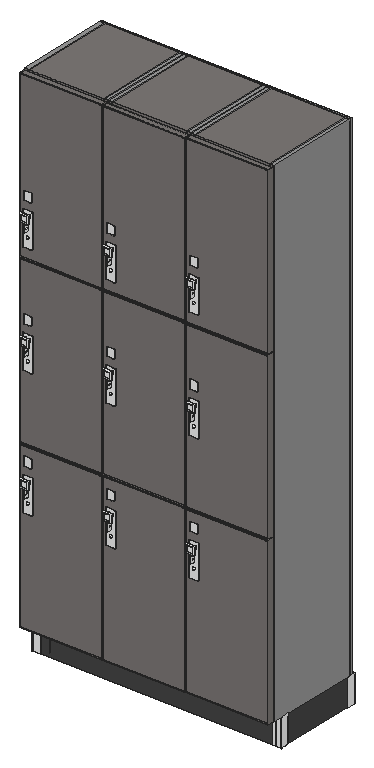
Revit family "Wood_Lockers_Hasps-Salsbury_Industries-43000_Series-3_Wide_Units.rfa", category Specialty Equipment, Revit 2016 (continued)
Definition of nested family "Premier Locker Doors_Hasp"
  Forms (in)
    Extrusion 18, solid
      sketch origin (-4.8125, 0, 0) x (0, 0, -1) y (0, -1, 0)
        loop
          line (-35.6844, 1) -> (-36.6844, 1) -> (-36.6844, -0.375) -> (-35.6844, -0.375) -> (-35.6844, 1)
      from -0.063 to 0.063
    Extrusion 19, void
      sketch origin (-4.8125, 35.51803, 36.85077) x (0, 1, 0) y (0, 0, -1)
        loop
          circle (-36.1844, 0.66637) r 0.25
      from -0.063 to 0.063
  Cuts and joins
    Extrusion 5, Extrusion 13 cuts Extrusion 1
    Extrusion 5, Extrusion 11 cuts Extrusion 3
    Extrusion 13 cuts Extrusion 12
    Extrusion 13 cuts Extrusion 2
    Extrusion 19 cuts Extrusion 18
  Lines and regions (in)
    symbolic lines
      curve 1: line (-5.9375, 0.375, 0) -> (5.9375, 0.375, 0)
      curve 2: line (5.9375, 0.375, 0) -> (5.9375, 0.375, 71.75)
      curve 3: line (5.9375, 0.375, 71.75) -> (-5.9375, 0.375, 71.75)
      curve 4: line (-5.9375, 0.375, 71.75) -> (-5.9375, 0.375, 0)
      curve 5: line (-5.9375, 0.375, 71.625) -> (5.9375, 0.375, 71.625)
      curve 6: line (-5.9375, -0.375, 71.625) -> (-5.9375, 0.375, 71.625)
      curve 7: line (5.9375, -0.375, 71.625) -> (-5.9375, -0.375, 71.625)
      curve 8: line (5.9375, 0.375, 71.625) -> (5.9375, -0.375, 71.625)
      curve 9: line (5.3125, 0.375, 71.625) -> (5.3125, 0.625, 71.625)
      curve 10: line (5.3125, 0.625, 71.625) -> (4.8125, 0.625, 71.625)
      curve 11: line (4.8125, 0.625, 71.625) -> (4.8125, 0.375, 71.625)
      curve 12: line (-5.73713, 0.375, 71.625) -> (-5.73713, 0.625, 71.625)
      curve 13: line (-5.2375, 0.375, 71.625) -> (-5.2375, 0.625, 71.625)
      curve 14: line (-5.2375, 0.625, 71.625) -> (-5.73713, 0.625, 71.625)
      curve 15: line (-4.8125, -0.375, 71.75) -> (-4.8125, 0.375, 71.75)
      curve 16: line (-4.8125, -0.375, 0) -> (-4.8125, -0.375, 71.75)
      curve 17: line (-4.8125, 0.375, 0) -> (-4.8125, -0.375, 0)
      curve 18: line (-4.8125, 0.375, 71.75) -> (-4.8125, 0.375, 0)
      curve 19: line (-4.8125, 0.375, 69) -> (-4.8125, 0.625, 69)
      curve 20: line (-4.8125, 0.625, 69) -> (-4.8125, 0.625, 68.5)
      curve 21: line (-4.8125, 0.625, 68.5) -> (-4.8125, 0.375, 68.5)
      curve 22: line (-4.8125, 0.375, 3.25) -> (-4.8125, 0.625, 3.25)
      curve 23: line (-4.8125, 0.625, 3.25) -> (-4.8125, 0.625, 2.75)
      curve 24: line (-4.8125, 0.625, 2.75) -> (-4.8125, 0.375, 2.75)
      curve 25: line (-4.8125, 0.375, 36.125) -> (-4.8125, 0.625, 36.125)
      curve 26: line (-4.8125, 0.625, 36.125) -> (-4.8125, 0.625, 35.625)
      curve 27: line (-4.8125, 0.625, 35.625) -> (-4.8125, 0.375, 35.625)
      curve 28: line (-5.5625, -0.375, 71.625) -> (-4.0625, -0.375, 71.625)
      curve 29: line (-5.4375, -1.125, 38.3125) -> (-4.1875, -1.125, 38.3125)
      curve 30: arc (-4.0625, -1.125, 38.1875) -> (-4.09911, -1.125, 38.27589) -> (-4.1875, -1.125, 38.3125) r 0.125
      curve 31: arc (-5.4375, -1.125, 38.3125) -> (-5.52589, -1.125, 38.27589) -> (-5.5625, -1.125, 38.1875) r 0.125
      curve 32: line (-5.5625, -1.125, 33.5625) -> (-5.5625, -1.125, 38.1875)
      curve 33: line (-4.0625, -1.125, 38.1875) -> (-4.0625, -1.125, 33.5625)
      curve 34: arc (-4.1875, -1.125, 33.4375) -> (-4.09911, -1.125, 33.47411) -> (-4.0625, -1.125, 33.5625) r 0.125
      curve 35: arc (-5.5625, -1.125, 33.5625) -> (-5.52589, -1.125, 33.47411) -> (-5.4375, -1.125, 33.4375) r 0.125
      curve 36: line (-4.1875, -1.125, 33.4375) -> (-5.4375, -1.125, 33.4375)
      curve 37: arc (-4.6245, -1.125, 36.6245) -> (-4.8125, -1.125, 36.8125) -> (-5.0005, -1.125, 36.6245) r 0.188
      curve 38: arc (-5.0005, -1.125, 35.7505) -> (-4.8125, -1.125, 35.5625) -> (-4.6245, -1.125, 35.7505) r 0.188
      curve 39: line (-4.6245, -1.125, 36.6245) -> (-4.6245, -1.125, 35.7505)
      curve 40: line (-5.0005, -1.125, 35.7505) -> (-5.0005, -1.125, 36.6245)
      curve 41: line (-4.1875, -1.125, 36.9375) -> (-5.4375, -1.125, 36.9375)
      curve 42: line (-4.1875, -1.125, 38.1875) -> (-4.1875, -1.125, 36.9375)
      curve 43: line (-5.4375, -1.125, 36.9375) -> (-5.4375, -1.125, 38.1875)
      curve 44: line (-5.4375, -1.125, 38.1875) -> (-4.1875, -1.125, 38.1875)
      curve 45: line (-4.8755, -1.125, 36.6844) -> (-4.7495, -1.125, 36.6844)
      curve 46: line (-4.7495, -1.125, 36.6844) -> (-4.7495, -1.125, 35.6844)
      curve 47: line (-4.8755, -1.125, 35.6844) -> (-4.8755, -1.125, 36.6844)
      curve 48: line (-4.7495, -1.125, 35.6844) -> (-4.8755, -1.125, 35.6844)
      curve 49: line (-4.8125, -1, 36.6844) -> (-4.8125, -0.375, 36.6844)
      curve 50: line (-4.8125, -1, 35.6844) -> (-4.8125, -1, 36.6844)
      curve 51: line (-4.8125, -0.375, 35.6844) -> (-4.8125, -1, 35.6844)
      curve 52: arc (-4.8125, -0.91637, 36.1844) -> (-4.8125, -0.66637, 36.4344) -> (-4.8125, -0.41637, 36.1844) r 0.25
      curve 53: arc (-4.8125, -0.41637, 36.1844) -> (-4.8125, -0.66637, 35.9344) -> (-4.8125, -0.91637, 36.1844) r 0.25
      curve 54: line (-4.8125, -0.375, 37.31817) -> (-4.8125, -0.61642, 37.31817)
      curve 55: arc (-4.8125, -0.77297, 37.19215) -> (-4.8125, -0.71691, 37.28275) -> (-4.8125, -0.61642, 37.31817) r 0.16024
      curve 56: arc (-4.8125, -0.97289, 36.9375) -> (-4.8125, -0.84441, 37.04244) -> (-4.8125, -0.77297, 37.19215) r 0.37946
      curve 57: spline (-4.8125, -1.121, 37.15954) -> (-4.8125, -1.11621, 37.12873) -> (-4.8125, -1.10963, 37.09911) -> (-4.8125, -1.10135, 37.07107) -> (-4.8125, -1.09147, 37.04495) -> (-4.8125, -1.0801, 37.02108) -> (-4.8125, -1.0674, 36.99975) -> (-4.8125, -1.05352, 36.98123) -> (-4.8125, -1.03864, 36.96575) -> (-4.8125, -1.02293, 36.95351) -> (-4.8125, -1.0066, 36.94465) -> (-4.8125, -0.98985, 36.93929) -> (-4.8125, -0.97289, 36.9375)
      curve 58: line (-4.8125, -1.125, 37.15954) -> (-4.8125, -1.125, 37.96546)
      curve 59: spline (-4.8125, -1.121, 37.96546) -> (-4.8125, -1.11621, 37.99627) -> (-4.8125, -1.10963, 38.02589) -> (-4.8125, -1.10135, 38.05393) -> (-4.8125, -1.09147, 38.08005) -> (-4.8125, -1.0801, 38.10392) -> (-4.8125, -1.0674, 38.12525) -> (-4.8125, -1.05352, 38.14377) -> (-4.8125, -1.03864, 38.15925) -> (-4.8125, -1.02293, 38.17149) -> (-4.8125, -1.0066, 38.18035) -> (-4.8125, -0.98985, 38.18571) -> (-4.8125, -0.97289, 38.1875)
      curve 60: arc (-4.8125, -0.97289, 38.1875) -> (-4.8125, -0.84441, 38.08256) -> (-4.8125, -0.77297, 37.93285) r 0.37946
      curve 61: arc (-4.8125, -0.77297, 37.93285) -> (-4.8125, -0.71691, 37.84225) -> (-4.8125, -0.61642, 37.80683) r 0.16024
      curve 62: line (-4.8125, -0.61642, 37.80683) -> (-4.8125, -0.375, 37.80683)
      curve 63: line (-5.05683, -0.61642, 71.625) -> (-5.05683, -0.375, 71.625)
      curve 64: arc (-5.18285, -0.77297, 71.625) -> (-5.09225, -0.71691, 71.625) -> (-5.05683, -0.61642, 71.625) r 0.16024
      curve 65: arc (-5.4375, -0.97289, 71.625) -> (-5.33256, -0.84441, 71.625) -> (-5.18285, -0.77297, 71.625) r 0.37946
      curve 66: line (-4.40954, -1.125, 71.625) -> (-5.21546, -1.125, 71.625)
      curve 67: spline (-4.40954, -1.121, 71.625) -> (-4.37873, -1.11621, 71.625) -> (-4.34911, -1.10963, 71.625) -> (-4.32107, -1.10135, 71.625) -> (-4.29495, -1.09147, 71.625) -> (-4.27108, -1.0801, 71.625) -> (-4.24975, -1.0674, 71.625) -> (-4.23123, -1.05352, 71.625) -> (-4.21575, -1.03864, 71.625) -> (-4.20351, -1.02293, 71.625) -> (-4.19465, -1.0066, 71.625) -> (-4.18929, -0.98985, 71.625) -> (-4.1875, -0.97289, 71.625)
      curve 68: arc (-4.1875, -0.97289, 71.625) -> (-4.29244, -0.84441, 71.625) -> (-4.44215, -0.77297, 71.625) r 0.37946
      curve 69: arc (-4.44215, -0.77297, 71.625) -> (-4.53275, -0.71691, 71.625) -> (-4.56817, -0.61642, 71.625) r 0.16024
      curve 70: line (-4.56817, -0.375, 71.625) -> (-4.56817, -0.61642, 71.625)
      curve 71: spline (-5.21546, -1.121, 71.625) -> (-5.24627, -1.11621, 71.625) -> (-5.27589, -1.10963, 71.625) -> (-5.30393, -1.10135, 71.625) -> (-5.33005, -1.09147, 71.625) -> (-5.35392, -1.0801, 71.625) -> (-5.37525, -1.0674, 71.625) -> (-5.39377, -1.05352, 71.625) -> (-5.40925, -1.03864, 71.625) -> (-5.42149, -1.02293, 71.625) -> (-5.43035, -1.0066, 71.625) -> (-5.43571, -0.98985, 71.625) -> (-5.4375, -0.97289, 71.625)
    reference lines
      curve 72: line (-5.9375, 0, 71.75) -> (5.3435, 0, 71.75)
      curve 73: line (5.3435, 0, 71.75) -> (-5.9375, 0, 71.75)
  Dimensions and locks (in)
    equal spacing: plane 4 "Left Side of Door", plane 3 "Center (Left/Right)", plane 5 "Right Side of Door"
    "Width": plane 4 "Left Side of Door" to plane 5 "Right Side of Door"
    equal spacing: plane 7 "Front of Door", plane 1 "Center (Front/Back)", plane 6 "Back of Door"
    "Depth": plane 7 "Front of Door" to plane 6 "Back of Door"
    equal spacing: plane 9 "Top of Door", plane 10 "Center of Door", plane 8 "Bottom of Door"
    "Height": plane 9 "Top of Door" to plane 8 "Bottom of Door"
    equal spacing: plane 11 "Top of Number Tag", plane 16 "Center of Number Tag", plane 12 "Bottom of Number Tag"
    "Number Tag Height": plane 11 "Top of Number Tag" to plane 12 "Bottom of Number Tag"
    equal spacing: plane 14 "Right Side of Number Tag", plane 15 "Horizontal Center of Number Tag", plane 13 "Left Side of Number Tag"
    "Number Tag Width": plane 14 "Right Side of Number Tag" to plane 13 "Left Side of Number Tag"
    "Number Tag-Horizontal Offset": plane 15 "Horizontal Center of Number Tag" to plane 5 "Right Side of Door"
    "Number Tag-Vertical Offset": plane 9 "Top of Door" to plane 16 "Center of Number Tag"
    "Lock Horizontal Offset": plane 4 "Left Side of Door" to plane 17 "Left Side of Lock"
    equal spacing: plane 20 "Top of Lock", plane 19 "Lock Vertical Center", plane 21 "Bottom of Lock"
    "Lock Height": plane 20 "Top of Lock" to plane 21 "Bottom of Lock"
    "Lock Vertical Offset": plane 9 "Top of Door" to plane 19 "Lock Vertical Center"
    plane 22 "Front of Hasp Stud" to plane 7 "Front of Door" = 0.125"
    locked: plane 24 "Right Side of Door-Left Side of Trim" to plane 5 "Right Side of Door" at 0.125
    locked: plane 4 "Left Side of Door" to plane 23 "Left Side of Door-Right Side of Trim" at 0.125
    locked: plane 9 "Top of Door" to plane 25 "Top of Door-Bottom of Trim" at 0.125
    plane 26 "Bottom of Door-Top of Trim" to plane 8 "Bottom of Door" = 0.125"
    plane 28 "Melamine-Particleboard Line" to plane 6 "Back of Door" = 0.031"
    plane 7 "Front of Door" to plane 27 "Laminate-Particleboard Line" = 0.031"
    plane 27 "Laminate-Particleboard Line" to plane 29 "Back of Number Plate Inset" = 0.031"
    equal spacing: plane 18 "Right Side of Lock", plane 30 "Center of Lock", plane 17 "Left Side of Lock", locked at 0.75 each
    "Lock Width": plane 18 "Right Side of Lock" to plane 17 "Left Side of Lock"
    plane 22 "Front of Hasp Stud" to plane 31 = 0.312"
    plane 6 "Back of Door" to plane 32 "Door Stopper Plane" = 0.250"
    locked: plane 23 "Left Side of Door-Right Side of Trim" to plane 33 at 0.325
    locked: plane 25 "Top of Door-Bottom of Trim" to plane 34 at 0.325
    locked: plane 9 "Top of Door" to plane 35 "Top Hinge" at 3
    plane 36 to plane 5 "Right Side of Door" = 0.625"
    plane 6 "Back of Door" to plane 28 "Melamine-Particleboard Line" = 0.031"
    plane 9 "Top of Door" to plane 25 "Top of Door-Bottom of Trim" = 0.125"
    plane 7 "Front of Door" to plane 38 "Inner Knob" = 0.719"
    locked: plane 38 "Inner Knob" to plane 39 "Front of Knob" at 0.031
    locked: plane 40 to plane 20 "Top of Lock" at 1.125
    locked: plane 21 "Bottom of Lock" to plane 41 at 1.125
    locked: plane 20 "Top of Lock" to plane 42 at 0.125
    locked: plane 18 "Right Side of Lock" to plane 43 at 0.125
    locked: plane 44 to plane 17 "Left Side of Lock" at 0.125
    plane 42 to plane 45 = 1.250"
    locked: plane 45 to plane 46 "Top of Hole" at 0.125
    plane 48 to plane 30 "Center of Lock" to plane 47 = 0.188" locked, 0.188" locked
    locked: plane 46 "Top of Hole" to plane 49 "Bottom of Hole" at 1.25
    plane 49 "Bottom of Hole" to plane 50 "Stud Alignment" = 0.750"
    locked: plane 42 to plane 51 "Center of Handle" at 0.625
    plane 52 to plane 51 "Center of Handle" to plane 53 = 0.188" locked, 0.188" locked
    plane 7 "Front of Door" to plane 39 "Front of Knob" = 0.750"
    locked: plane 42 to plane 54 at 0.22204
    locked: plane 55 to plane 45 at 0.22204
    locked: plane 7 "Front of Door" to plane 56 "Front of Latch" at 0.625
    locked: plane 57 to plane 58 at 1
    locked: plane 46 "Top of Hole" to plane 57 at 0.1281
    equal spacing: plane 58, plane 59, plane 57
    locked: plane 60 to plane 5 "Right Side of Door" at 0.594
    locked: plane 57 to plane 61 at 0.0599
    locked: plane 62 to plane 58 at 0.06376
    plane 12 "Bottom of Number Tag" to plane 20 "Top of Lock" = 1.1875"
    aligned and locked: level to plane 2
    aligned and locked: Extrusion 5 to plane 11 "Top of Number Tag"
    aligned and locked: plane 12 "Bottom of Number Tag" to Extrusion 5
    aligned and locked: Extrusion 5 to plane 14 "Right Side of Number Tag"
    aligned and locked: Extrusion 5 to plane 13 "Left Side of Number Tag"
    aligned and locked: plane 29 "Back of Number Plate Inset" to Extrusion 5
    aligned and locked: plane 7 "Front of Door" to Extrusion 5
    aligned and locked: plane 29 "Back of Number Plate Inset" to Extrusion 6
    aligned and locked: plane 7 "Front of Door" to Extrusion 6
    aligned and locked: Extrusion 6 to plane 14 "Right Side of Number Tag"
    aligned and locked: Extrusion 6 to plane 13 "Left Side of Number Tag"
    aligned and locked: Extrusion 6 to plane 11 "Top of Number Tag"
    aligned and locked: plane 12 "Bottom of Number Tag" to Extrusion 6
    aligned and locked: curve 9 to Extrusion 8
    aligned and locked: curve 10 to Extrusion 8
    aligned and locked: curve 11 to Extrusion 8
    aligned and locked: Extrusion 7 to curve 12
    aligned and locked: curve 14 to Extrusion 7
    aligned and locked: curve 16 to plane 7 "Front of Door"
    aligned and locked: curve 19 to Extrusion 8  (x2)
    aligned and locked: curve 21 to Extrusion 8
    aligned and locked: curve 18 to curve 22
    aligned and locked: curve 22 to Extrusion 9  (x2)
    aligned and locked: curve 24 to Extrusion 9
    aligned and locked: curve 25 to Extrusion 10
    aligned and locked: curve 26 to Extrusion 10
    aligned and locked: curve 27 to Extrusion 10
    aligned and locked: plane 20 "Top of Lock" to Extrusion 11 sketch curve
    aligned and locked: Extrusion 11 sketch curve to plane 21 "Bottom of Lock"
    aligned and locked: Extrusion 11 to plane 29 "Back of Number Plate Inset"
    aligned and locked: plane 7 "Front of Door" to Extrusion 11
    aligned and locked: Extrusion 3 to Extrusion 11
    aligned and locked: plane 50 "Stud Alignment" to Sweep 14  (x2)
    aligned and locked: Extrusion 15 to plane 7 "Front of Door"
    aligned and locked: Extrusion 15 to plane 22 "Front of Hasp Stud"
    aligned and locked: plane 50 "Stud Alignment" to Extrusion 15
    aligned and locked: Blend 17 to plane 39 "Front of Knob"
    aligned and locked: plane 38 "Inner Knob" to Blend 17
    aligned and locked: plane 6 "Back of Door" to Extrusion 18 sketch curve
    aligned and locked: plane 56 "Front of Latch" to Extrusion 18 sketch curve
    aligned and locked: Extrusion 18 to plane 57
    aligned and locked: plane 58 to Extrusion 18
    aligned and locked: plane 59 to cut or joined group of Extrusion 18, Extrusion 19
    aligned and locked: plane 61 to Extrusion 13 sketch curve  (x2)
    aligned and locked: plane 62 to Extrusion 13 sketch curve  (x2)
  Automatic sketch dimensions
    Extrusion 1 sketch curve to plane 4 "Left Side of Door" = 0.031"
    plane 5 "Right Side of Door" to Extrusion 1 sketch curve = 0.031"
    level to Extrusion 1 sketch curve = 0.031"
    plane 9 "Top of Door" to Extrusion 1 sketch curve = 0.031"
    Extrusion 2 sketch curve to plane 4 "Left Side of Door" = 0.031"
    plane 5 "Right Side of Door" to Extrusion 2 sketch curve = 0.031"
    level to Extrusion 2 sketch curve = 0.031"
    plane 9 "Top of Door" to Extrusion 2 sketch curve = 0.031"
    Extrusion 3 sketch curve to plane 4 "Left Side of Door" = 0.031"
    plane 5 "Right Side of Door" to Extrusion 3 sketch curve = 0.031"
    level to Extrusion 3 sketch curve = 0.031"
    plane 9 "Top of Door" to Extrusion 3 sketch curve = 0.031"
    plane 23 "Left Side of Door-Right Side of Trim" to Sweep 4 sketch curve = 0.000"
    plane 24 "Right Side of Door-Left Side of Trim" to Sweep 4 sketch curve = 0.000"  (x2)
    Sweep 4 sketch curve to plane 26 "Bottom of Door-Top of Trim" = 0.000"
    Sweep 4 sketch curve to plane 25 "Top of Door-Bottom of Trim" = 0.000"
    profile plane to Sweep 4 sketch curve = 0.125"
    Sweep 4 sketch curve to Sweep 4 sketch curve = 0.031"
    Sweep 4 sketch curve to plane 1 "Center (Front/Back)" = 0.375"
    plane 1 "Center (Front/Back)" to Sweep 4 sketch curve = 0.375"
    Extrusion 7 sketch curve to plane 33 = 0.000"
    Extrusion 7 sketch curve to plane 34 = 0.000"
    plane 36 to Extrusion 8 sketch curve = 0.000"
    Extrusion 8 sketch curve to Extrusion 8 sketch curve = 0.500"
    plane 35 "Top Hinge" to Extrusion 8 sketch curve = 0.250"
    Extrusion 8 sketch curve to plane 35 "Top Hinge" = 0.250"
    plane 36 to Extrusion 9 sketch curve = 0.000"
    Extrusion 9 sketch curve to Extrusion 9 sketch curve = 0.500"
    plane 37 "Bottom Hinge" to Extrusion 9 sketch curve = 0.250"
    Extrusion 9 sketch curve to plane 37 "Bottom Hinge" = 0.250"
    plane 36 to Extrusion 10 sketch curve = 0.000"
    Extrusion 10 sketch curve to Extrusion 10 sketch curve = 0.500"
    curve 4 to level = 0.000"
    plane 4 "Left Side of Door" to curve 4 = 0.000"
    plane 5 "Right Side of Door" to curve 3 = 0.000"
    curve 3 to plane 9 "Top of Door" = 0.000"
    Extrusion 5 sketch curve to plane 13 "Left Side of Number Tag" = 0.000"
    Extrusion 5 sketch curve to plane 12 "Bottom of Number Tag" = 0.000"
    Extrusion 5 sketch curve to plane 11 "Top of Number Tag" = 0.000"
    Extrusion 5 sketch curve to plane 14 "Right Side of Number Tag" = 0.000"
    Extrusion 6 sketch curve to plane 13 "Left Side of Number Tag" = 0.000"
    Extrusion 6 sketch curve to plane 12 "Bottom of Number Tag" = 0.000"
    Extrusion 6 sketch curve to plane 11 "Top of Number Tag" = 0.000"
    Extrusion 6 sketch curve to plane 14 "Right Side of Number Tag" = 0.000"
    Extrusion 11 sketch curve to plane 13 "Left Side of Number Tag" = 0.125"
    Extrusion 10 sketch curve to plane 10 "Center of Door" = 0.250"
    plane 10 "Center of Door" to Extrusion 10 sketch curve = 0.250"
    Extrusion 11 sketch curve to plane 21 "Bottom of Lock" = 0.125"
    plane 13 "Left Side of Number Tag" to Extrusion 5 sketch curve = 0.14916"
    Extrusion 5 sketch curve to Extrusion 5 sketch curve = 0.14916"  (x2)
    plane 13 "Left Side of Number Tag" to Extrusion 6 sketch curve = 0.14916"
    Extrusion 6 sketch curve to plane 12 "Bottom of Number Tag" = 0.14916"
    plane 13 "Left Side of Number Tag" to Extrusion 11 sketch curve = 0.000"  (x2)
    Extrusion 5 sketch curve to plane 12 "Bottom of Number Tag" = 0.14916"
    Extrusion 6 sketch curve to plane 14 "Right Side of Number Tag" = 0.14916"  (x2)
    plane 14 "Right Side of Number Tag" to Extrusion 11 sketch curve = 0.000"  (x2)
    Extrusion 12 sketch curve to plane 17 "Left Side of Lock" = 0.000"
    plane 13 "Left Side of Number Tag" to Extrusion 12 sketch curve = 0.000"  (x2)
    plane 14 "Right Side of Number Tag" to Extrusion 12 sketch curve = 0.000"  (x2)
    Extrusion 12 sketch curve to plane 20 "Top of Lock" = 0.000"
    Extrusion 12 sketch curve to plane 18 "Right Side of Lock" = 0.000"
    Extrusion 12 sketch curve to plane 21 "Bottom of Lock" = 0.125"
    plane 15 "Horizontal Center of Number Tag" to Sweep 14 sketch curve = 0.000"
    Sweep 14 sketch curve to plane 50 "Stud Alignment" = 0.000"
    Sweep 14 sketch curve to plane 7 "Front of Door" = 0.000"
    Sweep 14 sketch curve to profile plane = 0.000"
    profile plane to Sweep 14 sketch curve = 0.00168"
    profile plane to Sweep 14 sketch curve = 0.156"
    Sweep 14 sketch curve to plane 7 "Front of Door" = 0.03275"
    Extrusion 15 sketch curve to Extrusion 15 sketch curve = 0.000"  (x2)
    Extrusion 15 sketch curve to plane 50 "Stud Alignment" = 0.000"
    plane 15 "Horizontal Center of Number Tag" to Extrusion 15 sketch curve = 0.000"
    plane 15 "Horizontal Center of Number Tag" to Extrusion 15 sketch curve = 0.010"
    plane 13 "Left Side of Number Tag" to Sweep 16 sketch curve = 0.000"
    plane 14 "Right Side of Number Tag" to Sweep 16 sketch curve = 0.000"
    Sweep 16 sketch curve to plane 45 = 0.000"
    Sweep 16 sketch curve to plane 42 = 0.000"
    Sweep 16 sketch curve to plane 7 "Front of Door" = 0.000"
    profile plane to Sweep 16 sketch curve = 0.000"
    profile plane to Sweep 16 sketch curve = 0.22043"
    Sweep 16 sketch curve to Sweep 16 sketch curve = 0.01681"
    profile plane to Sweep 16 sketch curve = 0.33926"
    Sweep 16 sketch curve to Sweep 16 sketch curve = 0.14344"
    Sweep 16 sketch curve to Sweep 16 sketch curve = 0.15329"
    Sweep 16 sketch curve to Sweep 16 sketch curve = 0.59563"
    Sweep 16 sketch curve to Sweep 16 sketch curve = 0.24142"
    Sweep 16 sketch curve to Sweep 16 sketch curve = 0.00858"
    Sweep 16 sketch curve to Sweep 16 sketch curve = 0.51788"
    Sweep 16 sketch curve to Sweep 16 sketch curve = 0.31119"
    Sweep 16 sketch curve to Sweep 16 sketch curve = 0.11721"
    Sweep 16 sketch curve to Sweep 16 sketch curve = 0.01742"
    Sweep 16 sketch curve to Sweep 16 sketch curve = 0.06553"
    Sweep 16 sketch curve to Sweep 16 sketch curve = 0.000"
    Blend 17 sketch curve to plane 54 = 0.000"
    Blend 17 sketch curve to plane 55 = 0.000"
    Blend 17 sketch curve to plane 47 = 0.21496"
    plane 48 to Blend 17 sketch curve = 0.21496"
    plane 54 to Blend 17 sketch curve = 0.03267"
    Blend 17 sketch curve to plane 40 = 0.00461"
    Blend 17 sketch curve to plane 47 = 0.18235"
    plane 48 to Blend 17 sketch curve = 0.18227"
    Extrusion 18 sketch curve to plane 57 = 0.000"
    Extrusion 18 sketch curve to plane 58 = 0.000"
    plane 59 to Extrusion 19 sketch curve = 0.000"
    Extrusion 19 sketch curve to plane 22 "Front of Hasp Stud" = 0.16637"
    curve 29 to plane 14 "Right Side of Number Tag" = 0.000"
    curve 29 to plane 20 "Top of Lock" = 0.000"
    curve 30 to plane 18 "Right Side of Lock" = 0.000"
    curve 29 to plane 13 "Left Side of Number Tag" = 0.000"
    curve 31 to plane 42 = 0.000"
    curve 32 to plane 21 "Bottom of Lock" = 0.125"
    curve 34 to plane 14 "Right Side of Number Tag" = 0.000"
    curve 35 to plane 13 "Left Side of Number Tag" = 0.000"
    plane 15 "Horizontal Center of Number Tag" to curve 37 = 0.000"
    plane 47 to curve 37 = 0.000"
    plane 57 to curve 37 = 0.0599"
    curve 39 to plane 58 = 0.0661"
    curve 42 to plane 14 "Right Side of Number Tag" = 0.000"
    curve 41 to plane 13 "Left Side of Number Tag" = 0.000"
    curve 41 to plane 45 = 0.000"
    curve 43 to plane 42 = 0.000"
    curve 46 to plane 57 = 0.000"
    curve 46 to plane 15 "Horizontal Center of Number Tag" = 0.063"
    plane 15 "Horizontal Center of Number Tag" to curve 45 = 0.063"
    curve 47 to plane 58 = 0.000"
    curve 15 to plane 6 "Back of Door" = 0.000"
    plane 9 "Top of Door" to curve 15 = 0.000"
    plane 57 to curve 49 = 0.000"
    curve 51 to plane 56 "Front of Latch" = 0.000"
    plane 58 to curve 51 = 0.000"
    curve 17 to level = 0.000"
    plane 59 to curve 52 = 0.000"
    curve 53 to plane 22 "Front of Hasp Stud" = 0.16637"
    plane 7 "Front of Door" to curve 53 = 0.04137"
    plane 53 to curve 54 = 0.05633"
    curve 54 to plane 22 "Front of Hasp Stud" = 0.11642"
    plane 55 to curve 55 = 0.00161"
    curve 55 to plane 40 = 0.00465"
    plane 45 to curve 56 = 0.000"
    curve 56 to plane 39 "Front of Knob" = 0.01788"
    curve 56 to plane 40 = 0.08926"
    plane 55 to curve 57 = 0.000"
    curve 57 to plane 40 = 0.03757"
    plane 39 "Front of Knob" to curve 57 = 0.004"
    plane 42 to curve 60 = 0.000"
    curve 58 to plane 39 "Front of Knob" = 0.000"
    plane 54 to curve 58 = 0.000"
    plane 54 to curve 59 = 0.000"
    plane 55 to curve 58 = 0.000"
    curve 60 to plane 39 "Front of Knob" = 0.01788"
    curve 60 to plane 52 = 0.09774"
    plane 54 to curve 60 = 0.03261"
    plane 56 "Front of Latch" to curve 59 = 0.02711"
    plane 54 to curve 59 = 0.06553"
    plane 39 "Front of Knob" to curve 59 = 0.004"
    curve 61 to plane 54 = 0.00161"
    curve 61 to plane 22 "Front of Hasp Stud" = 0.11642"
    plane 6 "Back of Door" to curve 9 = 0.000"
    curve 6 to plane 4 "Left Side of Door" = 0.000"
    plane 7 "Front of Door" to curve 6 = 0.000"
    plane 7 "Front of Door" to curve 28 = 0.000"
    curve 67 to plane 14 "Right Side of Number Tag" = 0.000"
    curve 65 to plane 13 "Left Side of Number Tag" = 0.000"
    curve 66 to plane 39 "Front of Knob" = 0.000"
    curve 28 to plane 17 "Left Side of Lock" = 0.000"
    curve 28 to plane 18 "Right Side of Lock" = 0.000"
    curve 8 to plane 5 "Right Side of Door" = 0.000"
    curve 64 to plane 22 "Front of Hasp Stud" = 0.11642"
    curve 69 to plane 22 "Front of Hasp Stud" = 0.11642"
    curve 68 to plane 39 "Front of Knob" = 0.01788"
    curve 65 to plane 39 "Front of Knob" = 0.01788"
    curve 14 to plane 23 "Left Side of Door-Right Side of Trim" = 0.07537"
    plane 48 to curve 64 = 0.21657"
    plane 48 to curve 65 = 0.09774"
    plane 48 to curve 63 = 0.05633"
    curve 70 to plane 47 = 0.05633"
    curve 68 to plane 47 = 0.09774"
    curve 69 to curve 69 = 0.16024"
    curve 64 to curve 65 = 0.15655"
    curve 69 to curve 68 = 0.15655"
    plane 39 "Front of Knob" to curve 67 = 0.004"
    plane 33 to curve 14 = 0.250"
    curve 66 to curve 65 = 0.11721"
    curve 67 to plane 47 = 0.14943"
    curve 68 to curve 66 = 0.11721"
    curve 67 to curve 66 = 0.000"
    plane 39 "Front of Knob" to curve 71 = 0.004"
    curve 71 to curve 66 = 0.000"
    plane 48 to curve 71 = 0.14943"
    plane 1 "Center (Front/Back)" to curve 73 = 0.000"
    curve 73 to plane 4 "Left Side of Door" = 0.000"
    curve 73 to plane 60 = 0.000"
    plane 48 to Extrusion 13 sketch curve = 0.000"
    plane 15 "Horizontal Center of Number Tag" to Extrusion 13 sketch curve = 0.000"
    radius of Extrusion 7 sketch curve = 0.250"
    radius of Sweep 14 sketch curve = 0.010"
    radius of Extrusion 19 sketch curve = 0.250"
Definition of nested family "Wood Locker Bases"
  Parameters (values of type "Base - 36" W x 15" D Lockers")
    Width = 36.000"
    Visible Base = yes
    Visible = yes
    Model = "Base - 36\" W x 15\" D Lockers"
    Manufacturer = "Salsbury Industries"
    Height = 4.000"
    Depth = 13.250"
    Base Secondary Material = none
    Base Primary Materials = none
    Base Hardware = none
  Types (14): name | Width | Visible Base | Visible | Model | Depth
    (no name) | 36.000" | yes | yes | "Base - 36\" W x 15\" D Lockers" | 13.250"
    Base - 12" W x 15" D Lockers | 12.000" | yes | no | "Base - 12\" W x 15\" D Lockers" | 13.250"
    Base - 12" W x 18" D Lockers | 12.000" | yes | no | "Base - 12\" W x 18\" D Lockers" | 16.250"
    Base - 12" W x 21" D Lockers | 12.000" | yes | no | "Base - 12\" W x 21\" D Lockers" | 19.250"
    Base - 36" W x 15" D Lockers | 36.000" | yes | yes | "Base - 36\" W x 15\" D Lockers" | 13.250"
    Base - 36" W x 18" D Lockers | 36.000" | yes | yes | "Base - 36\" W x 18\" D Lockers" | 16.250"
    Base - 36" W x 21" D Lockers | 36.000" | yes | yes | "Base - 36\" W x 21\" D Lockers" | 19.250"
    Base - 15" W x 18" D Lockers | 15.000" | yes | no | "Base - 15\" W x 18\" D Lockers" | 16.250"
    Base - 15" W x 21" D Lockers | 15.000" | yes | no | "Base - 15\" W x 21\" D Lockers" | 19.250"
    Base - 15" W x 24" D Lockers | 15.000" | yes | no | "Base - 15\" W x 24\" D Lockers" | 22.250"
    Base - 45" W x 18" D Lockers | 45.000" | yes | yes | "Base - 45\" W x 18\" D Lockers" | 16.250"
    Base - 45" W x 21" D Lockers | 45.000" | yes | yes | "Base - 45\" W x 21\" D Lockers" | 19.250"
    Base - 45" W x 24" D Lockers | 45.000" | yes | yes | "Base - 45\" W x 24\" D Lockers" | 22.250"
    None | 12.000" | no | no | "Base - 12\" W x 15\" D Lockers" | 13.250"
  Reference planes (in)
    plane 1 "Center (Front/Back)": y = 0
    plane 2: z = 0
    plane 3 "Center (Left/Right)": x = 0
    plane 4 "Left Edge": x = -18
    plane 5 "Right Edge": x = 18
    plane 6 "Back Edge": y = 6.625
    plane 7 "Front Edge": y = -6.625
    plane 8 "Bottom Edge": z = 0
    plane 9 "Top Edge": z = 4
    plane 10: x = -16.75
    plane 11: x = -16.102
    plane 12: y = 6.562
    plane 13: y = 5.8
    plane 14: x = -17.131
    plane 15: x = -17.256
    plane 16: x = -17.937
    plane 17: x = -17.175
    plane 18: y = 4.727
    plane 19: y = 5.375
    plane 20: y = 5.756
    plane 21: y = 5.881
    plane 22: x = -17.931
    plane 23: x = 17.931
    plane 24: y = 6.556
    plane 25: y = -6.556
    plane 26: y = 6.525
    plane 27: y = -6.525
    plane 28: x = -17.9
    plane 29: x = 17.9
    plane 30: x = -2.375
    plane 31: x = 2.375
  Forms (in)
    Extrusion 1, solid, material <- "Base Hardware", visible <- "Visible Base"
      sketch origin (0, 0, 0) x (1, 0, 0) y (0, 1, 0)
        loop
          arc (-17.96712, 6.625) -> (-17.99098, 6.61598) -> (-18, 6.59212) r 0.031
          line (-18, 6.59212) -> (-18, 5.4065)
          arc (-18, 5.4065) -> (-17.9685, 5.375) -> (-17.937, 5.4065) r 0.0315
          line (-17.937, 5.4065) -> (-17.937, 5.756) -> (-17.837, 5.756) -> (-17.837, 5.819) -> (-17.937, 5.819) -> (-17.937, 6.51465) -> (-17.256, 5.83365) -> (-17.256, 5.756) -> (-17.175, 5.756) -> (-17.175, 4.75833)
          arc (-17.175, 4.75833) -> (-17.14367, 4.727) -> (-17.11235, 4.75833) r 0.03133
          line (-17.11235, 4.75833) -> (-17.11235, 5.73703) -> (-16.13348, 5.73703)
          arc (-16.13348, 5.73703) -> (-16.102, 5.76852) -> (-16.13348, 5.8) r 0.03148
          line (-16.13348, 5.8) -> (-17.131, 5.8) -> (-17.131, 5.881) -> (-17.21422, 5.881) -> (-17.89522, 6.562) -> (-17.194, 6.562) -> (-17.194, 6.462) -> (-17.131, 6.462) -> (-17.131, 6.562) -> (-16.7814, 6.562)
          arc (-16.7814, 6.562) -> (-16.7499, 6.5935) -> (-16.7814, 6.625) r 0.0315
          line (-16.7814, 6.625) -> (-17.96712, 6.625)
      from 0 to 4
    Extrusion 2, solid, material <- "Base Hardware", visible <- "Visible Base"
      sketch origin (0, 0, 0) x (-1, 0, 0) y (0, -1, 0)
        loop
          line (-17.96712, -6.625) -> (-16.7814, -6.625)
          arc (-16.7814, -6.625) -> (-16.7499, -6.5935) -> (-16.7814, -6.562) r 0.0315
          line (-16.7814, -6.562) -> (-17.131, -6.562) -> (-17.131, -6.462) -> (-17.194, -6.462) -> (-17.194, -6.562) -> (-17.89522, -6.562) -> (-17.21422, -5.881) -> (-17.131, -5.881) -> (-17.131, -5.8) -> (-16.13348, -5.8)
          arc (-16.13348, -5.8) -> (-16.102, -5.76852) -> (-16.13348, -5.73703) r 0.03148
          line (-16.13348, -5.73703) -> (-17.11235, -5.73703) -> (-17.11235, -4.75833)
          arc (-17.11235, -4.75833) -> (-17.14367, -4.727) -> (-17.175, -4.75833) r 0.03133
          line (-17.175, -4.75833) -> (-17.175, -5.756) -> (-17.256, -5.756) -> (-17.256, -5.83365) -> (-17.937, -6.51465) -> (-17.937, -5.819) -> (-17.837, -5.819) -> (-17.837, -5.756) -> (-17.937, -5.756) -> (-17.937, -5.4065)
          arc (-17.937, -5.4065) -> (-17.9685, -5.375) -> (-18, -5.4065) r 0.0315
          line (-18, -5.4065) -> (-18, -6.59212)
          arc (-18, -6.59212) -> (-17.99098, -6.61598) -> (-17.96712, -6.625) r 0.031
      from 0 to 4
    Extrusion 3, solid, material <- "Base Hardware", visible <- "Visible Base"
      sketch origin (0, 0, 0) x (1, 0, 0) y (0, 1, 0)
        loop
          line (-17.96712, -6.625) -> (-16.7814, -6.625)
          arc (-16.7814, -6.625) -> (-16.7499, -6.5935) -> (-16.7814, -6.562) r 0.0315
          line (-16.7814, -6.562) -> (-17.131, -6.562) -> (-17.131, -6.462) -> (-17.194, -6.462) -> (-17.194, -6.562) -> (-17.89522, -6.562) -> (-17.21422, -5.881) -> (-17.131, -5.881) -> (-17.131, -5.8) -> (-16.13348, -5.8)
          arc (-16.13348, -5.8) -> (-16.102, -5.76852) -> (-16.13348, -5.73703) r 0.03148
          line (-16.13348, -5.73703) -> (-17.11235, -5.73703) -> (-17.11235, -4.75833)
          arc (-17.11235, -4.75833) -> (-17.14367, -4.727) -> (-17.175, -4.75833) r 0.03133
          line (-17.175, -4.75833) -> (-17.175, -5.756) -> (-17.256, -5.756) -> (-17.256, -5.83365) -> (-17.937, -6.51465) -> (-17.937, -5.819) -> (-17.837, -5.819) -> (-17.837, -5.756) -> (-17.937, -5.756) -> (-17.937, -5.4065)
          arc (-17.937, -5.4065) -> (-17.9685, -5.375) -> (-18, -5.4065) r 0.0315
          line (-18, -5.4065) -> (-18, -6.59212)
          arc (-18, -6.59212) -> (-17.99098, -6.61598) -> (-17.96712, -6.625) r 0.031
      from 0 to 4
    Extrusion 4, solid, material <- "Base Hardware", visible <- "Visible Base"
      sketch origin (0, 0, 0) x (-1, 0, 0) y (0, -1, 0)
        loop
          arc (-17.96712, 6.625) -> (-17.99098, 6.61598) -> (-18, 6.59212) r 0.031
          line (-18, 6.59212) -> (-18, 5.4065)
          arc (-18, 5.4065) -> (-17.9685, 5.375) -> (-17.937, 5.4065) r 0.0315
          line (-17.937, 5.4065) -> (-17.937, 5.756) -> (-17.837, 5.756) -> (-17.837, 5.819) -> (-17.937, 5.819) -> (-17.937, 6.51465) -> (-17.256, 5.83365) -> (-17.256, 5.756) -> (-17.175, 5.756) -> (-17.175, 4.75833)
          arc (-17.175, 4.75833) -> (-17.14367, 4.727) -> (-17.11235, 4.75833) r 0.03133
          line (-17.11235, 4.75833) -> (-17.11235, 5.73703) -> (-16.13348, 5.73703)
          arc (-16.13348, 5.73703) -> (-16.102, 5.76852) -> (-16.13348, 5.8) r 0.03148
          line (-16.13348, 5.8) -> (-17.131, 5.8) -> (-17.131, 5.881) -> (-17.21422, 5.881) -> (-17.89522, 6.562) -> (-17.194, 6.562) -> (-17.194, 6.462) -> (-17.131, 6.462) -> (-17.131, 6.562) -> (-16.7814, 6.562)
          arc (-16.7814, 6.562) -> (-16.7499, 6.5935) -> (-16.7814, 6.625) r 0.0315
          line (-16.7814, 6.625) -> (-17.96712, 6.625)
      from 0 to 4
    Extrusion 5, solid, material <- "Base Secondary Material", visible <- "Visible Base"
      sketch origin (0, 0, 0) x (0, -1, 0) y (1, 0, 0)
        loop
          line (-5.756, 17.9) -> (-5.756, 17.181) -> (5.75697, 17.181) -> (5.75697, 17.9) -> (-5.756, 17.9)
      from 0 to 4
    Extrusion 6, solid, material <- "Base Secondary Material", visible <- "Visible Base"
      sketch origin (0, 0, 0) x (0, -1, 0) y (1, 0, 0)
        loop
          line (-5.756, -17.9) -> (5.75697, -17.9) -> (5.75697, -17.181) -> (-5.756, -17.181) -> (-5.756, -17.9)
      from 0 to 4
    Extrusion 7, solid, material <- "Base Secondary Material", visible <- "Visible Base"
      sketch origin (-2.05521, 0.625, 0) x (1, 0, 0) y (0, 1, 0)
        loop
          line (-15.07579, 5.9) -> (-15.07579, 5.181) -> (19.18621, 5.181) -> (19.18621, 5.9) -> (-15.07579, 5.9)
      from 0 to 4
    Extrusion 8, solid, material <- "Base Secondary Material", visible <- "Visible Base"
      sketch origin (-2.05521, -0.625, 0) x (1, 0, 0) y (0, 1, 0)
        loop
          line (-15.07579, -5.9) -> (19.18621, -5.9) -> (19.18621, -5.181) -> (-15.07579, -5.181) -> (-15.07579, -5.9)
      from 0 to 4
    Extrusion 9, solid, material <- "Base Primary Materials", visible <- "Visible Base"
      sketch origin (0.76452, 0, 0) x (0, -1, 0) y (1, 0, 0)
        loop
          line (-5.756, 17.16648) -> (-5.756, 17.13548) -> (5.75697, 17.13548) -> (5.75697, 17.16648) -> (-5.756, 17.16648)
      from 0 to 4
    Extrusion 10, solid, material <- "Base Primary Materials", visible <- "Visible Base"
      sketch origin (-0.719, 0, 0) x (0, -1, 0) y (1, 0, 0)
        loop
          line (-5.756, -17.212) -> (5.75697, -17.212) -> (5.75697, -17.181) -> (-5.756, -17.181) -> (-5.756, -17.212)
      from 0 to 4
    Extrusion 11, solid, material <- "Base Primary Materials", visible <- "Visible Base"
      sketch origin (-2.05521, 1.344, 0) x (1, 0, 0) y (0, 1, 0)
        loop
          line (-15.07579, 5.218) -> (-15.07579, 5.181) -> (19.18621, 5.181) -> (19.18621, 5.218) -> (-15.07579, 5.218)
      from 0 to 4
    Extrusion 12, solid, material <- "Base Primary Materials", visible <- "Visible Base"
      sketch origin (-2.05521, -1.344, 0) x (1, 0, 0) y (0, 1, 0)
        loop
          line (-15.07579, -5.212) -> (19.18621, -5.212) -> (19.18621, -5.181) -> (-15.07579, -5.181) -> (-15.07579, -5.212)
      from 0 to 4
    Extrusion 13, solid, material <- "Base Secondary Material", visible <- "Visible"
      sketch origin (0, 0, 4) x (0, -1, 0) y (1, 0, 0)
        loop
          line (-5.806, -2.375) -> (5.806, -2.375) -> (5.806, 2.375) -> (-5.806, 2.375) -> (-5.806, -2.375)
      from 0 to -0.75
    Extrusion 14, solid, material <- "Base Secondary Material", visible <- "Visible"
      sketch origin (0, 0, 0) x (0, -1, 0) y (1, 0, 0)
        loop
          line (-5.806, -2.375) -> (-5.056, -2.375) -> (-5.056, 2.375) -> (-5.806, 2.375) -> (-5.806, -2.375)
      from 0 to 3.25
    Extrusion 15, solid, material <- "Base Secondary Material", visible <- "Visible"
      sketch origin (0, 0, 0) x (0, 1, 0) y (-1, 0, 0)
        loop
          line (-5.806, 2.375) -> (-5.806, -2.375) -> (-5.056, -2.375) -> (-5.056, 2.375) -> (-5.806, 2.375)
      from 0 to 3.25
  Dimensions and locks (in)
    equal spacing: plane 4 "Left Edge", plane 3 "Center (Left/Right)", plane 5 "Right Edge"
    "Width": plane 4 "Left Edge" to plane 5 "Right Edge"
    equal spacing: plane 7 "Front Edge", plane 1 "Center (Front/Back)", plane 6 "Back Edge"
    "Depth": plane 7 "Front Edge" to plane 6 "Back Edge"
    "Height": plane 9 "Top Edge" to plane 8 "Bottom Edge"
    locked: plane 4 "Left Edge" to plane 10 at 1.25
    locked: plane 4 "Left Edge" to plane 11 at 1.898
    locked: plane 12 to plane 6 "Back Edge" at 0.063
    plane 14 to plane 10 = 0.381"
    locked: plane 12 to plane 13 at 0.762
    locked: plane 4 "Left Edge" to plane 16 at 0.063
    locked: plane 16 to plane 17 at 0.762
    locked: plane 19 to plane 6 "Back Edge" at 1.25
    locked: plane 18 to plane 6 "Back Edge" at 1.898
    plane 15 to plane 17 = 0.081"
    plane 21 to plane 13 = 0.081"
    plane 19 to plane 20 = 0.381"
    plane 24 to plane 6 "Back Edge" = 0.069"
    plane 7 "Front Edge" to plane 25 = 0.069"
    plane 23 to plane 5 "Right Edge" = 0.069"
    plane 4 "Left Edge" to plane 22 = 0.069"
    plane 26 to plane 24 = 0.031"
    plane 25 to plane 27 = 0.031"
    plane 22 to plane 28 = 0.031"
    plane 29 to plane 23 = 0.031"
    plane 30 to plane 3 "Center (Left/Right)" to plane 31 = 2.375" locked, 2.375" locked
    aligned and locked: level to plane 2
    aligned and locked: plane 30 to Extrusion 13
    aligned and locked: plane 30 to Extrusion 14
    aligned and locked: plane 30 to Extrusion 15
    aligned and locked: Extrusion 13 to plane 31
    aligned and locked: Extrusion 14 to plane 31
    aligned and locked: Extrusion 15 to plane 31
  Automatic sketch dimensions
    Extrusion 1 sketch curve to plane 4 "Left Edge" = 0.000"
    plane 6 "Back Edge" to Extrusion 1 sketch curve = 0.000"
    Extrusion 1 sketch curve to plane 16 = 0.000"  (x2)
    Extrusion 1 sketch curve to plane 12 = 0.000"  (x2)
    plane 20 to Extrusion 1 sketch curve = 0.000"  (x2)
    Extrusion 1 sketch curve to plane 15 = 0.000"
    plane 21 to Extrusion 1 sketch curve = 0.000"
    Extrusion 1 sketch curve to plane 17 = 0.000"
    Extrusion 1 sketch curve to plane 14 = 0.000"  (x2)
    Extrusion 1 sketch curve to plane 13 = 0.000"
    Extrusion 1 sketch curve to plane 4 "Left Edge" = 0.03094"
    plane 16 to Extrusion 1 sketch curve = 0.03012"
    Extrusion 1 sketch curve to plane 28 = 0.00478"
    Extrusion 1 sketch curve to plane 28 = 0.063"
    plane 17 to Extrusion 1 sketch curve = 0.03922"
    plane 17 to Extrusion 1 sketch curve = 0.019"
    plane 14 to Extrusion 1 sketch curve = 0.01267"
    plane 10 to Extrusion 1 sketch curve = 0.0314"
    plane 11 to Extrusion 1 sketch curve = 0.03148"
    plane 20 to Extrusion 1 sketch curve = 0.01897"
    Extrusion 1 sketch curve to plane 19 = 0.0315"
    Extrusion 1 sketch curve to plane 18 = 0.03133"
    plane 13 to Extrusion 1 sketch curve = 0.019"
    plane 13 to Extrusion 1 sketch curve = 0.03365"
    plane 26 to Extrusion 1 sketch curve = 0.063"
    plane 26 to Extrusion 1 sketch curve = 0.01035"
    plane 12 to Extrusion 1 sketch curve = 0.03012"
    Extrusion 2 sketch curve to plane 5 "Right Edge" = 0.000"
    plane 6 "Back Edge" to Extrusion 2 sketch curve = 0.000"
    plane 20 to Extrusion 2 sketch curve = 0.000"  (x2)
    plane 12 to Extrusion 2 sketch curve = 0.000"  (x2)
    plane 21 to Extrusion 2 sketch curve = 0.000"
    plane 13 to Extrusion 2 sketch curve = 0.000"
    Extrusion 2 sketch curve to plane 5 "Right Edge" = 0.03094"
    Extrusion 2 sketch curve to Extrusion 2 sketch curve = 0.0315"
    Extrusion 2 sketch curve to Extrusion 2 sketch curve = 0.00194"
    plane 23 to Extrusion 2 sketch curve = 0.006"
    Extrusion 2 sketch curve to plane 29 = 0.00478"
    Extrusion 2 sketch curve to plane 29 = 0.063"
    Extrusion 2 sketch curve to plane 13 = 0.03365"
    Extrusion 2 sketch curve to Extrusion 2 sketch curve = 0.581"
    Extrusion 2 sketch curve to Extrusion 2 sketch curve = 0.04178"
    Extrusion 2 sketch curve to plane 26 = 0.063"
    Extrusion 2 sketch curve to Extrusion 2 sketch curve = 0.02022"
    plane 18 to Extrusion 2 sketch curve = 0.03133"
    Extrusion 2 sketch curve to plane 29 = 0.725"
    Extrusion 2 sketch curve to Extrusion 2 sketch curve = 0.03133"
    Extrusion 2 sketch curve to Extrusion 2 sketch curve = 0.063"
    Extrusion 2 sketch curve to Extrusion 2 sketch curve = 0.08322"
    Extrusion 2 sketch curve to Extrusion 2 sketch curve = 0.3496"
    Extrusion 2 sketch curve to Extrusion 2 sketch curve = 0.97886"
    plane 19 to Extrusion 2 sketch curve = 0.0315"
    Extrusion 2 sketch curve to plane 20 = 0.01897"
    Extrusion 2 sketch curve to plane 13 = 0.019"
    Extrusion 2 sketch curve to plane 26 = 0.01035"
    Extrusion 2 sketch curve to plane 12 = 0.03012"
    Extrusion 3 sketch curve to plane 4 "Left Edge" = 0.000"
    plane 7 "Front Edge" to Extrusion 3 sketch curve = 0.000"
    Extrusion 3 sketch curve to plane 16 = 0.000"  (x2)
    Extrusion 3 sketch curve to plane 15 = 0.000"
    Extrusion 3 sketch curve to plane 17 = 0.000"
    Extrusion 3 sketch curve to plane 14 = 0.000"  (x2)
    plane 4 "Left Edge" to Extrusion 3 sketch curve = 0.03094"
    Extrusion 3 sketch curve to plane 16 = 0.03012"
    plane 28 to Extrusion 3 sketch curve = 0.00478"
    plane 28 to Extrusion 3 sketch curve = 0.063"
    Extrusion 3 sketch curve to plane 17 = 0.03922"
    Extrusion 3 sketch curve to plane 17 = 0.019"
    Extrusion 3 sketch curve to plane 14 = 0.01267"
    Extrusion 3 sketch curve to plane 25 = 0.006"  (x2)
    Extrusion 3 sketch curve to plane 10 = 0.0314"
    Extrusion 3 sketch curve to plane 11 = 0.03148"
    plane 27 to Extrusion 3 sketch curve = 0.01035"
    plane 27 to Extrusion 3 sketch curve = 0.063"
    Extrusion 3 sketch curve to Extrusion 3 sketch curve = 0.581"
    Extrusion 3 sketch curve to Extrusion 3 sketch curve = 0.04735"
    Extrusion 3 sketch curve to Extrusion 3 sketch curve = 0.01465"
    Extrusion 3 sketch curve to Extrusion 3 sketch curve = 0.081"
    Extrusion 3 sketch curve to Extrusion 3 sketch curve = 0.03148"
    Extrusion 3 sketch curve to Extrusion 3 sketch curve = 0.044"
    Extrusion 3 sketch curve to Extrusion 3 sketch curve = 0.063"
    Extrusion 3 sketch curve to Extrusion 3 sketch curve = 0.3495"
    Extrusion 3 sketch curve to Extrusion 3 sketch curve = 0.97871"
    plane 7 "Front Edge" to Extrusion 3 sketch curve = 0.03288"
    Extrusion 4 sketch curve to plane 5 "Right Edge" = 0.000"
    plane 7 "Front Edge" to Extrusion 4 sketch curve = 0.000"
    plane 5 "Right Edge" to Extrusion 4 sketch curve = 0.03094"
    Extrusion 4 sketch curve to Extrusion 4 sketch curve = 0.0315"
    Extrusion 4 sketch curve to Extrusion 4 sketch curve = 0.00194"
    Extrusion 4 sketch curve to plane 23 = 0.006"
    plane 29 to Extrusion 4 sketch curve = 0.00478"
    plane 29 to Extrusion 4 sketch curve = 0.063"
    Extrusion 4 sketch curve to Extrusion 4 sketch curve = 0.581"
    Extrusion 4 sketch curve to Extrusion 4 sketch curve = 0.04178"
    Extrusion 4 sketch curve to plane 27 = 0.063"
    Extrusion 4 sketch curve to Extrusion 4 sketch curve = 0.02022"
    plane 29 to Extrusion 4 sketch curve = 0.725"
    Extrusion 4 sketch curve to Extrusion 4 sketch curve = 0.03133"
    Extrusion 4 sketch curve to Extrusion 4 sketch curve = 0.063"  (x2)
    Extrusion 4 sketch curve to Extrusion 4 sketch curve = 0.08322"
    plane 25 to Extrusion 4 sketch curve = 0.006"  (x2)
    Extrusion 4 sketch curve to Extrusion 4 sketch curve = 0.3496"
    Extrusion 4 sketch curve to plane 27 = 0.725"
    Extrusion 4 sketch curve to Extrusion 4 sketch curve = 0.97886"
    Extrusion 4 sketch curve to Extrusion 4 sketch curve = 0.03148"
    Extrusion 4 sketch curve to Extrusion 4 sketch curve = 0.044"
    Extrusion 4 sketch curve to Extrusion 4 sketch curve = 0.000"
    Extrusion 4 sketch curve to Extrusion 4 sketch curve = 0.3495"
    Extrusion 4 sketch curve to Extrusion 4 sketch curve = 0.97871"
    Extrusion 4 sketch curve to Extrusion 4 sketch curve = 0.07765"
    Extrusion 4 sketch curve to Extrusion 4 sketch curve = 0.081"
    Extrusion 4 sketch curve to plane 27 = 0.01035"
    Extrusion 4 sketch curve to plane 7 "Front Edge" = 0.03288"
    plane 20 to Extrusion 5 sketch curve = 0.000"
    Extrusion 5 sketch curve to plane 29 = 0.000"
    Extrusion 5 sketch curve to plane 27 = 0.76803"
    plane 29 to Extrusion 5 sketch curve = 0.719"
    plane 20 to Extrusion 6 sketch curve = 0.000"
    Extrusion 6 sketch curve to plane 28 = 0.000"
    plane 27 to Extrusion 6 sketch curve = 0.76803"
    Extrusion 6 sketch curve to plane 17 = 0.006"
    Extrusion 7 sketch curve to plane 14 = 0.000"
    plane 26 to Extrusion 7 sketch curve = 0.000"
    plane 29 to Extrusion 7 sketch curve = 0.769"
    plane 13 to Extrusion 7 sketch curve = 0.006"
    Extrusion 8 sketch curve to plane 14 = 0.000"
    plane 27 to Extrusion 8 sketch curve = 0.000"
    Extrusion 8 sketch curve to plane 29 = 0.769"
    plane 27 to Extrusion 8 sketch curve = 0.719"
    plane 20 to Extrusion 9 sketch curve = 0.000"
    Extrusion 9 sketch curve to plane 23 = 0.000"
    Extrusion 9 sketch curve to plane 29 = 0.000"
    Extrusion 9 sketch curve to plane 27 = 0.76803"
    plane 20 to Extrusion 10 sketch curve = 0.000"
    Extrusion 10 sketch curve to plane 22 = 0.000"
    Extrusion 10 sketch curve to plane 28 = 0.000"
    plane 27 to Extrusion 10 sketch curve = 0.76803"
    Extrusion 11 sketch curve to plane 14 = 0.000"
    plane 12 to Extrusion 11 sketch curve = 0.000"
    plane 26 to Extrusion 11 sketch curve = 0.000"
    plane 29 to Extrusion 11 sketch curve = 0.769"
    Extrusion 12 sketch curve to plane 14 = 0.000"
    plane 25 to Extrusion 12 sketch curve = 0.000"
    plane 27 to Extrusion 12 sketch curve = 0.000"
    Extrusion 12 sketch curve to plane 29 = 0.769"
    plane 13 to Extrusion 13 sketch curve = 0.006"
    Extrusion 13 sketch curve to plane 27 = 0.719"
    Extrusion 13 sketch curve to plane 11 = 13.727"
    plane 3 "Center (Left/Right)" to Extrusion 13 sketch curve = 2.375"
    plane 13 to Extrusion 14 sketch curve = 0.006"
    plane 19 to Extrusion 14 sketch curve = 0.319"
    Extrusion 14 sketch curve to plane 11 = 13.727"
    plane 3 "Center (Left/Right)" to Extrusion 14 sketch curve = 2.375"
    plane 27 to Extrusion 15 sketch curve = 0.719"
    Extrusion 15 sketch curve to Extrusion 15 sketch curve = 0.750"
    plane 11 to Extrusion 15 sketch curve = 13.727"
    Extrusion 15 sketch curve to plane 3 "Center (Left/Right)" = 2.375"
Definition of nested family "Wood Locker Sloping Corner Fillers"
  Parameters (values of type "44487 - for 15" D Lockers")
    Width = 16.875"
    Visible = yes
    Version = "1.0 (12/15/23)"
    Type Comments = "Sloping Hood Corner Filler for Premier Wood Lockers"
    Model = "44487"
    Manufacturer = "Salsbury Industries"
    Laminate Surface = none
    Height = 5.743"
    Description = "For 15\" D Lockers"
    Depth = 16.875"
  Types (6): name | Width | Visible | Version | Type Comments | Model | Manufacturer | Height | Description | Depth
    (no name) | 16.875" | yes | "1.0 (12/15/23)" | "Sloping Hood Corner Filler for Premier Wood Lockers" | "44487" | "Salsbury Industries" | 5.743" | "For 15\" D Lockers" | 16.875"
    44487 - for 15" D Lockers | 16.875" | yes | "1.0 (12/15/23)" | "Sloping Hood Corner Filler for Premier Wood Lockers" | "44487" | "Salsbury Industries" | 5.743" | "For 15\" D Lockers" | 16.875"
    44488 - for 18" D Lockers | 19.875" | yes | "1.0 (12/15/23)" | "Sloping Hood Corner Filler for Premier Wood Lockers" | "44488" | "Salsbury Industries" | 6.868" | "For 18\" D Lockers" | 19.875"
    44481- for 21" D Lockers | 22.875" | yes | "1.0 (12/15/23)" | "Sloping Hood Corner Filler for Premier Wood Lockers" | "44481" | "Salsbury Industries" | 7.993" | "For 21\" D Lockers" | 22.875"
    44489- for 24" D Lockers | 25.875" | yes | "1.0 (12/15/23)" | "Sloping Hood Corner Filler for Premier Wood Lockers" | "44489" | "Salsbury Industries" | 9.118" | "For 24\" D Lockers" | 25.875"
    None | 16.875" | no | "" | "" | "" | "" | 5.743" | "" | 16.875"
  Reference planes (in)
    plane 1 "Center (Front/Back)": y = -0.8125
    plane 2: z = 0
    plane 3 "Center (Left/Right)": x = 0.8125
    plane 4 "Front of Hood": y = -7
    plane 5 "Right Side of Hood": x = 7
    plane 6 "Bottom of Hood": z = 0
    plane 7 "Black Trim Line": y = -6.969
    plane 8: z = 0.062
    plane 9: z = 0.75
    plane 10 "New Back of Hood": y = 7.625
    plane 11 "New Front of Hood": y = -9.25
    plane 12 "New Left Side": x = -7.625
    plane 13 "New Right Side": x = 9.25
    plane 14 "Top": z = 5.743
    plane 15: x = 6.969
  Forms (in)
    Extrusion 1, solid, visible <- "Visible"
      sketch origin (0.8125, 0, 0) x (0, 1, 0) y (0, 0, 1)
        loop
          line (-5.16023, 0) -> (7.625, 4.99437) -> (7.625, 5.712) -> (-6.92019, 0.062) -> (-6.969, 0.062) -> (-6.969, 0) -> (-5.16023, 0)
      from -8.4375 to 8.4375
    Extrusion 2, solid, material <- "Laminate Surface", visible <- "Visible"
      sketch origin (0.8125, 0, 0.00023) x (0, 1, 0) y (0, 0, 1)
        loop
          line (7.625, 5.74277) -> (-7, 0.06177) -> (-6.92019, 0.06177) -> (7.625, 5.71177) -> (7.625, 5.74277)
      from -8.4375 to 8.4375
    Extrusion 3, void
      sketch origin (0, 0, 0) x (0, -1, 0) y (1, 0, 0)
        loop
          line (7, 7) -> (-7.625, -7.625) -> (7, -7.625) -> (7, 7)
      from 0 to 5.743
    Extrusion 4, solid, material <- "Laminate Surface", visible <- "Visible"
      sketch origin (9.25, 0, 0) x (0, -1, 0) y (0, 0, 1)
        loop
          line (7, 0) -> (7, 0.062) -> (6.969, 0.062) -> (6.969, 0) -> (7, 0)
      from 0 to 2.25
    Extrusion 5, solid, visible <- "Visible"
      sketch origin (-1.125, -0.8125, 0) x (1, 0, 0) y (0, 0, 1)
        loop
          line (6.28523, 0) -> (8.094, 0) -> (8.094, 0.062) -> (8.04519, 0.062) -> (-6.5, 5.712) -> (-6.5, 4.99437) -> (6.28523, 0)
      from -8.4375 to 8.4375
    Extrusion 6, solid, material <- "Laminate Surface", visible <- "Visible"
      sketch origin (-1.125, -0.8125, 0) x (1, 0, 0) y (0, 0, 1)
        loop
          line (-6.5, 5.743) -> (-6.5, 5.712) -> (8.04519, 0.062) -> (8.125, 0.062) -> (-6.5, 5.743)
      from -8.4375 to 8.4375
    Extrusion 7, solid, material <- "Laminate Surface", visible <- "Visible"
      sketch origin (0, -7, 0) x (1, 0, 0) y (0, 0, 1)
        loop
          line (7, 0) -> (7, 0.062) -> (6.969, 0.062) -> (6.969, 0) -> (7, 0)
      from 0 to 2.25
    Extrusion 8, void
      sketch origin (9.25, 0, 0) x (0, -1, 0) y (0, 0, 1)
        loop
          line (-7.625, 0) -> (5.16023, 0) -> (-7.625, 4.99437) -> (-7.625, 0)
      from 0 to 16.875
  Cuts and joins
    Extrusion 3, Extrusion 8 cuts Extrusion 1
    Extrusion 3 cuts Extrusion 2
    Extrusion 8 cuts Extrusion 5
    Extrusion 8 cuts Extrusion 6
  Dimensions and locks (in)
    locked: plane 4 "Front of Hood" to plane 7 "Black Trim Line" at 0.031
    locked: plane 8 to plane 6 "Bottom of Hood" at 0.062
    locked: plane 9 to plane 6 "Bottom of Hood" at 0.75
    "Height": plane 14 "Top" to plane 6 "Bottom of Hood"
    "Width": plane 12 "New Left Side" to plane 13 "New Right Side"
    "Depth": plane 11 "New Front of Hood" to plane 10 "New Back of Hood"
    equal spacing: plane 12 "New Left Side", plane 3 "Center (Left/Right)", plane 13 "New Right Side"
    equal spacing: plane 11 "New Front of Hood", plane 1 "Center (Front/Back)", plane 10 "New Back of Hood"
    locked: plane 5 "Right Side of Hood" to plane 13 "New Right Side" at 2.25
    locked: plane 11 "New Front of Hood" to plane 4 "Front of Hood" at 2.25
    locked: plane 15 to plane 5 "Right Side of Hood" at 0.031
    aligned and locked: level to plane 2
    aligned and locked: plane 12 "New Left Side" to Extrusion 3
    aligned and locked: Extrusion 2 to plane 13 "New Right Side"
    aligned and locked: plane 12 "New Left Side" to cut or joined group of Extrusion 2, Extrusion 3
    aligned and locked: cut or joined group of Extrusion 2, Extrusion 3 to plane 10 "New Back of Hood"
    aligned and locked: plane 12 "New Left Side" to cut or joined group of Extrusion 1, Extrusion 3, Extrusion 8
    aligned and locked: cut or joined group of Extrusion 1, Extrusion 3, Extrusion 8 to plane 13 "New Right Side"
    aligned and locked: cut or joined group of Extrusion 1, Extrusion 3, Extrusion 8 to plane 10 "New Back of Hood"  (x2)
    aligned and locked: plane 4 "Front of Hood" to cut or joined group of Extrusion 2, Extrusion 3
    aligned and locked: Extrusion 3 to cut or joined group of Extrusion 2, Extrusion 3
    aligned and locked: plane 13 "New Right Side" to cut or joined group of Extrusion 1, Extrusion 3, Extrusion 8
    aligned and locked: plane 5 "Right Side of Hood" to Extrusion 4
    aligned and locked: Extrusion 8 to Extrusion 1  (x2)
    aligned and locked: Extrusion 1 to Extrusion 8
    aligned and locked: cut or joined group of Extrusion 1, Extrusion 3, Extrusion 8 to Extrusion 6
    aligned and locked: plane 11 "New Front of Hood" to Extrusion 6
    aligned and locked: plane 12 "New Left Side" to Extrusion 6
    aligned and locked: plane 11 "New Front of Hood" to Extrusion 5
    aligned and locked: plane 12 "New Left Side" to Extrusion 5
    aligned and locked: cut or joined group of Extrusion 1, Extrusion 3, Extrusion 8 to Extrusion 5
  Automatic sketch dimensions
    Extrusion 1 sketch curve to level = 0.000"
    Extrusion 1 sketch curve to plane 7 "Black Trim Line" = 0.000"
    plane 8 to Extrusion 1 sketch curve = 0.000"
    Extrusion 1 sketch curve to plane 10 "New Back of Hood" = 0.000"
    Extrusion 1 sketch curve to Extrusion 1 sketch curve = 0.04881"
    Extrusion 1 sketch curve to Extrusion 1 sketch curve = 1.75996"
    plane 14 "Top" to Extrusion 1 sketch curve = 0.74863"
    plane 14 "Top" to Extrusion 1 sketch curve = 0.031"
    Extrusion 2 sketch curve to plane 4 "Front of Hood" = 0.000"
    plane 8 to Extrusion 2 sketch curve = 0.000"
    Extrusion 2 sketch curve to plane 10 "New Back of Hood" = 0.000"
    plane 14 "Top" to Extrusion 2 sketch curve = 0.000"
    Extrusion 2 sketch curve to plane 7 "Black Trim Line" = 0.04881"
    plane 14 "Top" to Extrusion 2 sketch curve = 0.031"
    plane 10 "New Back of Hood" to Extrusion 3 sketch curve = 0.000"
    plane 4 "Front of Hood" to Extrusion 3 sketch curve = 0.000"
    Extrusion 3 sketch curve to plane 12 "New Left Side" = 0.000"
    Extrusion 3 sketch curve to plane 5 "Right Side of Hood" = 0.000"
    Extrusion 4 sketch curve to level = 0.000"
    Extrusion 4 sketch curve to plane 7 "Black Trim Line" = 0.000"
    Extrusion 4 sketch curve to plane 4 "Front of Hood" = 0.000"
    plane 8 to Extrusion 4 sketch curve = 0.000"
    Extrusion 5 sketch curve to level = 0.000"
    Extrusion 5 sketch curve to plane 8 = 0.000"
    plane 14 "Top" to Extrusion 5 sketch curve = 0.031"
    Extrusion 5 sketch curve to plane 12 "New Left Side" = 0.000"
    plane 5 "Right Side of Hood" to Extrusion 5 sketch curve = 1.83977"
    plane 5 "Right Side of Hood" to Extrusion 5 sketch curve = 0.07981"
    Extrusion 5 sketch curve to Extrusion 5 sketch curve = 0.04881"
    Extrusion 5 sketch curve to Extrusion 5 sketch curve = 0.71763"
    plane 14 "Top" to Extrusion 6 sketch curve = 0.000"
    Extrusion 6 sketch curve to plane 8 = 0.000"
